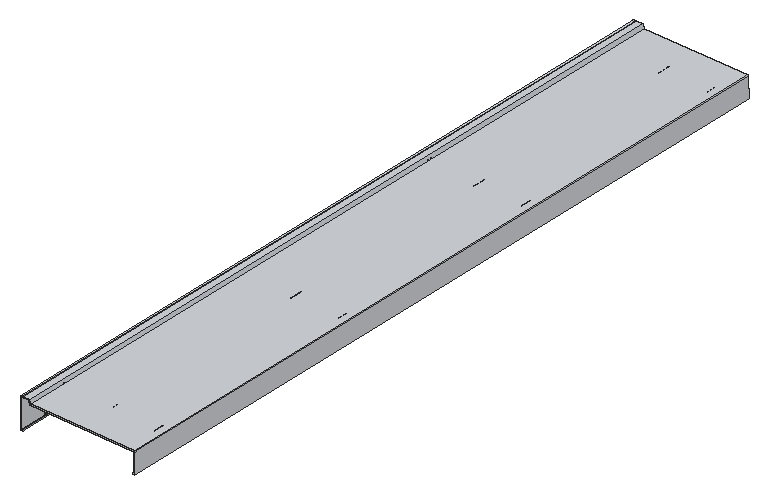
Revit family "ATBB300", category 一般モデル, Revit 2022
Family settings
  鉄筋をホスト可能 = いいえ
  丸型コネクタ寸法 = 直径を使用
  パーツ タイプ = 標準
  作業面ベース = いいえ
  常に垂直 = はい
  ロード時にボイドで切り取り = いいえ
  注釈の向きを維持 = いいえ
  共有 = いいえ
  部屋計算ポイント = いいえ
Parameters
  笠木長さ [instance] = 2000 mm
  既定の高さ = 0 mm
  定尺笠木長さ = 4000 mm
  固定金具数 [instance] = 4
  判定 [instance] = if(笠木長さ > 4000 mm, 定尺笠木長さ, 笠木長さ)  # 2000 mm
Reference planes
  plane 1 "中心(正面/背面)": y = 0
  plane 2: z = 0
  plane 3 "中心(左/右)": x = 0
  plane 4: y = -2000
  plane 5: y = -100
  plane 6: y = -1900
  plane 7: z = -43
  plane 8: x = -150
  plane 9: x = 150
Forms (mm)
  Extrusion 1, solid
    sketch origin (-852, 0, -949.322) x (1, 0, 0) y (0, 0, 1)
      loop
        line (702, 984.207) -> (702, 906.822)
        arc (702, 906.822) -> (702.149, 906.466) -> (702.509, 906.322) r 0.5
        line (702.509, 906.322) -> (707.991, 906.322)
        arc (707.991, 906.322) -> (708.349, 906.464) -> (708.5, 906.817) r 0.5
        line (708.5, 906.817) -> (708.5, 909.122) -> (704.8, 909.122) -> (704.8, 981.479)
        arc (704.8, 981.479) -> (705.422, 982.928) -> (706.9, 983.477) r 2
        line (706.9, 983.477) -> (723.284, 982.658)
        arc (723.284, 982.658) -> (724.517, 982.152) -> (725.159, 980.984) r 2
        line (725.159, 980.984) -> (726.843, 972.477) -> (997.343, 958.951)
        arc (997.343, 958.951) -> (998.664, 958.319) -> (999.2, 956.956) r 2
        line (999.2, 956.956) -> (999.2, 909.122) -> (995.5, 909.122) -> (995.5, 906.322) -> (1002, 906.322) -> (1002, 959.42)
        arc (1002, 959.42) -> (1001.433, 960.816) -> (1000.053, 961.42) r 2
        line (1000.053, 961.42) -> (729, 974.973) -> (727, 985.075) -> (704.181, 986.215)
        arc (704.181, 986.215) -> (702.645, 985.694) -> (702, 984.207) r 2
    from 0 to 2000
  Extrusion 2, solid, not visible
    sketch origin (-6.667, 0, -61.111) x (1, 0, 0) y (0, 0, 1)
      loop
        line (702, 984.207) -> (702, 906.822)
        arc (702, 906.822) -> (702.149, 906.466) -> (702.509, 906.322) r 0.5
        line (702.509, 906.322) -> (707.991, 906.322)
        arc (707.991, 906.322) -> (708.349, 906.464) -> (708.5, 906.817) r 0.5
        line (708.5, 906.817) -> (708.5, 909.122) -> (704.8, 909.122) -> (704.8, 981.479)
        arc (704.8, 981.479) -> (705.422, 982.928) -> (706.9, 983.477) r 2
        line (706.9, 983.477) -> (723.284, 982.658)
        arc (723.284, 982.658) -> (724.517, 982.152) -> (725.159, 980.984) r 2
        line (725.159, 980.984) -> (726.843, 972.477) -> (997.343, 958.951)
        arc (997.343, 958.951) -> (998.664, 958.319) -> (999.2, 956.956) r 2
        line (999.2, 956.956) -> (999.2, 909.122) -> (995.5, 909.122) -> (995.5, 906.322) -> (1002, 906.322) -> (1002, 959.42)
        arc (1002, 959.42) -> (1001.433, 960.816) -> (1000.053, 961.42) r 2
        line (1000.053, 961.42) -> (729, 974.973) -> (727, 985.075) -> (704.181, 986.215)
        arc (704.181, 986.215) -> (702.645, 985.694) -> (702, 984.207) r 2
    from 0 to 250
Dimensions and locks
  "笠木長さ": plane 4 to plane 1 "中心(正面/背面)"
  locked: plane 5 to plane 1 "中心(正面/背面)" at 100
  locked: plane 6 to plane 4 at 100
  locked: plane 7 to plane 2 at 43
  plane 9 to plane 3 "中心(左/右)" = 150 mm
  locked: plane 8 to plane 3 "中心(左/右)" at 150
  plane 8 to plane 9 = 300 mm
  locked: nested 1 to plane 1 "中心(正面/背面)" at 75
  equal spacing: group 2, group 4, group 5, group 3  (x2)
  equal spacing: group 3, group 5, group 4, group 2
  locked: nested 2 to plane 6 at 25
  "判定": Extrusion 1 to plane 1 "中心(正面/背面)"
  aligned and locked: level to plane 2
  aligned and locked: plane 7 to Extrusion 1
  aligned and locked: plane 8 to Extrusion 1
  aligned and locked: plane 4 to Extrusion 1
  aligned and locked: nested 2 to level
  aligned and locked: nested 1 to level
Automatic sketch dimensions
  plane 8 to Extrusion 1 sketch curve = 0 mm
  Extrusion 1 sketch curve to plane 7 = 0 mm  (x2)
  Extrusion 1 sketch curve to Extrusion 1 sketch curve = 0.5 mm  (x2)
  Extrusion 1 sketch curve to Extrusion 1 sketch curve = 0.009 mm  (x2)
  Extrusion 1 sketch curve to plane 8 = 2 mm
  Extrusion 1 sketch curve to Extrusion 1 sketch curve = 0.181 mm
  Extrusion 1 sketch curve to plane 8 = 2.8 mm
  Extrusion 1 sketch curve to Extrusion 1 sketch curve = 2 mm
  Extrusion 1 sketch curve to Extrusion 1 sketch curve = 3.192 mm
  Extrusion 1 sketch curve to Extrusion 1 sketch curve = 16.385 mm
  Extrusion 1 sketch curve to Extrusion 1 sketch curve = 1.974 mm
  Extrusion 1 sketch curve to Extrusion 1 sketch curve = 1.684 mm
  Extrusion 1 sketch curve to Extrusion 1 sketch curve = 1.841 mm
  Extrusion 1 sketch curve to Extrusion 1 sketch curve = 2.157 mm
  plane 9 to Extrusion 1 sketch curve = 6.5 mm
  plane 9 to Extrusion 1 sketch curve = 4.8 mm
  Extrusion 1 sketch curve to Extrusion 1 sketch curve = 0.143 mm
  plane 9 to Extrusion 1 sketch curve = 2.8 mm
  plane 9 to Extrusion 1 sketch curve = 2 mm
  plane 9 to Extrusion 1 sketch curve = 1.947 mm
  plane 9 to Extrusion 1 sketch curve = 0 mm
  Extrusion 1 sketch curve to plane 7 = 0.495 mm
  Extrusion 1 sketch curve to plane 7 = 0.5 mm  (x2)
  Extrusion 1 sketch curve to plane 7 = 2.8 mm
  Extrusion 1 sketch curve to Extrusion 1 sketch curve = 2.305 mm
  level to Extrusion 1 sketch curve = 7.634 mm
  Extrusion 1 sketch curve to Extrusion 1 sketch curve = 1.995 mm
  Extrusion 1 sketch curve to Extrusion 1 sketch curve = 2.464 mm
  Extrusion 1 sketch curve to Extrusion 1 sketch curve = 1.999 mm
  level to Extrusion 1 sketch curve = 23.155 mm
  Extrusion 1 sketch curve to Extrusion 1 sketch curve = 2.496 mm
  Extrusion 1 sketch curve to Extrusion 1 sketch curve = 5.687 mm
  Extrusion 1 sketch curve to Extrusion 1 sketch curve = 0.324 mm
  Extrusion 1 sketch curve to Extrusion 1 sketch curve = 0.819 mm
  Extrusion 1 sketch curve to Extrusion 1 sketch curve = 2.728 mm
  Extrusion 1 sketch curve to Extrusion 1 sketch curve = 0.016 mm
  Extrusion 1 sketch curve to Extrusion 1 sketch curve = 4.091 mm
  Extrusion 1 sketch curve to Extrusion 1 sketch curve = 0 mm  (x9)
  Extrusion 1 sketch curve to Extrusion 1 sketch curve = 0.1 mm
  Extrusion 1 sketch curve to Extrusion 1 sketch curve = 0.099 mm
  Extrusion 1 sketch curve to Extrusion 1 sketch curve = 0.001 mm
Nested families
  nested 1: "ATAF300" at (0, -75, -5), type "ATAF300"
  nested 2: "ATAF300" at (0, -1875, -5), type "ATAF300"
  nested 3: "ATAF300" at (0, -675, -5), type "ATAF300"
  nested 4: "ATAF300" at (0, -1275, -5), type "ATAF300"
Definition of nested family "ATAF300"
  Parameters
    Default Elevation = 0 mm
  Reference planes
    plane 1 "中心(正面/背面)": y = 0
    plane 2: z = 5
    plane 3 "中心(左/右)": x = 0
  Forms (mm)
    Extrusion 1, solid
      sketch origin (-234.793, 0, -142.354) x (1, 0, 0) y (0, 0, 1)
        loop
          line (382.193, 108.26) -> (382.193, 116.776) -> (372.593, 156.554) -> (351.093, 157.678) -> (350.626, 156.769) -> (350.593, 154.252)
          arc (350.593, 154.252) -> (349.934, 152.768) -> (348.391, 152.262) r 2
          line (348.391, 152.262) -> (332.607, 153.753) -> (324.043, 153.754) -> (287.673, 153.754) -> (283.162, 151.194) -> (244.793, 151.154) -> (244.793, 153.554) -> (243.293, 153.554) -> (243.293, 151.154) -> (237.443, 151.154)
          arc (237.443, 151.154) -> (236.382, 151.593) -> (235.943, 152.654) r 1.5
          line (235.943, 152.654) -> (235.943, 159.067)
          arc (235.943, 159.067) -> (236.412, 160.157) -> (237.527, 160.565) r 1.5
          line (237.527, 160.565) -> (244.793, 160.201) -> (244.793, 162.504) -> (234.793, 163.004) -> (224.793, 163.504) -> (224.793, 161.201) -> (232.208, 160.83)
          arc (232.208, 160.83) -> (233.226, 160.369) -> (233.643, 159.332) r 1.5
          line (233.643, 159.332) -> (233.643, 152.654)
          arc (233.643, 152.654) -> (233.203, 151.593) -> (232.143, 151.154) r 1.5
          line (232.143, 151.154) -> (226.293, 151.154) -> (226.293, 153.554) -> (224.793, 153.554) -> (224.793, 151.154) -> (186.573, 151.154) -> (182.062, 153.714) -> (153.639, 153.754) -> (137.009, 153.754) -> (126.443, 152.559)
          arc (126.443, 152.559) -> (123.328, 153.55) -> (121.993, 156.533) r 4
          line (121.993, 156.533) -> (121.993, 164.251) -> (120.993, 168.704) -> (96.993, 170.384) -> (87.393, 115.443) -> (87.393, 112.06)
          arc (87.393, 112.06) -> (87.093, 111.76) -> (87.393, 111.46) r 0.3
          line (87.393, 111.46) -> (88.192, 111.46) -> (88.192, 110.09) -> (87.393, 110.09)
          arc (87.393, 110.09) -> (87.063, 109.76) -> (87.393, 109.43) r 0.33
          line (87.393, 109.43) -> (87.393, 108.26) -> (89.493, 108.26) -> (89.493, 110.275) -> (99.73, 162.803)
          arc (99.73, 162.803) -> (101.036, 164.91) -> (103.41, 165.624) r 3.5
          line (103.41, 165.624) -> (115.367, 164.787)
          arc (115.367, 164.787) -> (117.021, 163.998) -> (117.693, 162.293) r 2.5
          line (117.693, 162.293) -> (117.693, 147.354) -> (355.093, 147.354) -> (355.093, 151.619)
          arc (355.093, 151.619) -> (356.069, 152.76) -> (357.523, 153.136) r 2.5
          line (357.523, 153.136) -> (366.952, 152.643)
          arc (366.952, 152.643) -> (368.965, 151.874) -> (370.145, 150.071) r 3.5
          line (370.145, 150.071) -> (380.082, 112.932) -> (380.093, 108.26) -> (382.193, 108.26)
      from 0 to 50
  Dimensions and locks
    Extrusion 1 sketch curve to Extrusion 1 sketch curve = 147.4 mm  (x2)
    Extrusion 1 to plane 3 "中心(左/右)" = 147.4 mm
    Extrusion 1 to level = 0 mm
    aligned and locked: level to plane 2
